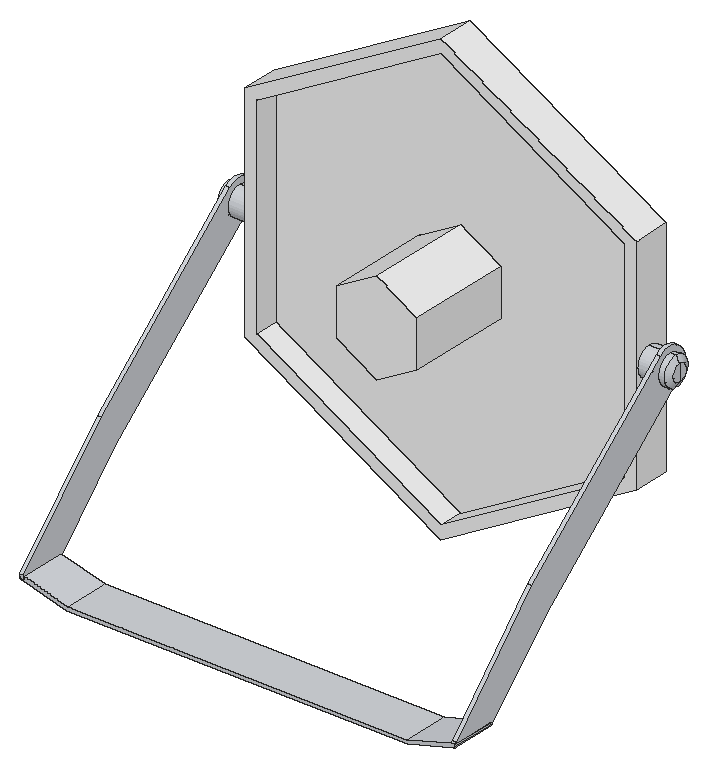
Revit family "Lighting-Floodlights-GEWISS-ESALITE-FL-LED_24K_DALI", category Apparecchi per illuminazione, host Superficie, Revit 2019
Family settings
  Host = Superficie
  Quota connettore circolare = Usa diametro
  Tipo di parte = Normale
  Taglio con vuoti quando caricato = No
  Sorgente d'illuminazione = Sì
  Condiviso = No
  Punto di calcolo locali = Sì
Parameters (values of type "GWS6455GD57K - ESALITE 24K ELL.5700K PRO+V.GR.DALI")
  Weight (kg): = "13,7"
  Wattage = 9.2903 W
  Warranty = "5 years"
  Voltage = "220/240 V - 50/60 Hz"
  Versions = "5700K cold light"
  Version file RFA = "20.11"
  Variazione temperatura colore lampada con luminosità attenuata = (empty or 0)
  VISIBILITA' SIMBOLO [instance] = yes
  VISIBILITA' LAMPADA PIANTA-LATERALE [instance] = not(VISIBILITA' SIMBOLO)  # no
  VISIBILITA' ETICHETTA [instance] = yes
  V = 0 V
  URL = "https://www.gewiss.com/ww/en"
  built-in parameter 1150107 = 3200 (stored number, unit not read)
  Technical sheet = "https://www.gewiss.com/ww/en/search?q=GWS6455GD57K"
  System power = "210W"
  Spostamento_y_effettivo_ET [instance] = 4000 mm - Spostamento_y_ET  # 2119.2 mm
  Spostamento_y_ET [instance] = 1880.8 mm
  Spostamento_X_effettivo_ET [instance] = 4000 mm - Spostamento_X_ET  # 3850.6 mm
  Spostamento_X_ET [instance] = 149.4 mm
  Shock resistance = "IK08"
  Shield type = "Tempered glass"
  STAFFA = none
  SEO = "Floodlight"
  Realized by GEWISS S.p.A. = ""
  Default Elevation = 1219.2 mm
  Produttore = "GEWISS S.p.A."
  Potenza di sitema = "Wxxx"
  built-in parameter 1150110 = 1 (stored number, unit not read)
  built-in parameter 1150109 = 1 (stored number, unit not read)
  built-in parameter 1114218 = 1 (stored number, unit not read)
  built-in parameter 1150112 = 1 (stored number, unit not read)
  Overvoltage resistance : = "Common mode: 8KV; Differential mode: 6KV"
  Optic = "Elliptical"
  Operating temperature: = "-30 +50 °C"
  Numero poli = 1
  Nominal flux (lm) = "29000"
  Modello = "GWS6455GD57K"
  built-in parameter 1150137 = (empty or 0)
  built-in parameter 1150132 = (empty or 0)
  Lumen output (lm) = "22200"
  Life time L90B10 (Tq 50Â°C) = "44000H"
  Life time L90B10 (Tq 25Â°C) = "100000H"
  Lamp = "LED - Not replaceable"
  LED current. = "0,9A"
  built-in parameter 1150105 = 109.82 (stored number, unit not read)
  built-in parameter 1150102 = (empty or 0)
  Insulation class = "I"
  Immagine tipo = ESALITE_FL.jpg
  built-in parameter 1150106 = 1.0982 (stored number, unit not read)
  IP degree = "IP66"
  IDT = "f7a9a771bf584c71b29cfc4a92707170"
  IDF = "1b9a74b8-16b9-46ee-a773-995bd203b2fc"
  Lumens = 1380 lm
  Color Filter = 16777215
  File diagramma fotometrico = "GWS6455GD57K.IES"
  built-in parameter 1114217 = 1 (stored number, unit not read)
  built-in parameter 1150139 = (empty or 0)
  Emetti da lunghezza linea = 20 mm
  Electrocod = "2444"
  Efficiency class of integrated LEDs = "A ÷ A++"
  built-in parameter 1150104 = 13.8 (stored number, unit not read)
  Driver type = "Driver Led Dali"
  built-in parameter 1150115 = 1 (stored number, unit not read)
  built-in parameter 1150114 = 1 (stored number, unit not read)
  built-in parameter 1150113 = 1 (stored number, unit not read)
  Descrizione = "ESALITE 24K ELL.5700K PRO+V.GR.DALI"
  Colour temperature: = "5700 K (CRI>80)"
  Colour = "Grey RAL 9006"
  built-in parameter 1150134 = 3
  built-in parameter 1150138 = (empty or 0)
  Catalogue Range = "ESALITE FL - 24K"
  Catalogue = "LIGHTING"
  COBie.Tagnumber = ""
  COBie.CreatedOn = ""
  COBie.CreatebBy = ""
  COBie.ComponentRegisterItemID = ""
  COBie.Component.TagNumber = ""
  COBie.Component.Space = ""
  COBie.Component.SerialNumber = ""
  COBie.Component.InstallationDate = ""
  COBie.Component.Description = ""
  COBie.Component.BarCode = ""
  Application = "Indoor / Outdoor"
  Tilt Angle = -90.00°
  built-in parameter 1150133 = 10 (stored number, unit not read)
Reference planes
  plane 1 "Centro (Fronte/Retro)": y = 0
  plane 2: z = 0
  plane 3 "Centro (Sinistra/Destra)": x = 0
  plane 4: z = 123
  plane 5: x = -0.012
  plane 6: x = -3850.612
  plane 7: y = -2119.2
  plane 8: y = 0
  plane 9: through (-1779.2, -702.001, 1219.2) normal (0.4695, 0.8829, 0)
  plane 10: through (203.705, -1575.119, 1219.2) normal (-0.866, 0.5, 0)
  plane 11: x = -235.613
  plane 12: x = 230.804
  plane 13: y = 188.046
  plane 14: y = -188.046
  plane 15: x = 235.613
  plane 16: x = -287.654
Forms (mm)
  Extrusion 1, solid, material <- "STAFFA"
    sketch origin (0, 0, 0) x (0, 1, 0) y (0, 0, 1)
      loop
        line (165.701, 304.396) -> (-29.601, 140.518) -> (-143.465, 19.872) -> (-147.703, 19.872) -> (-147.703, 15.381) -> (-92.184, 15.381) -> (-9.063, 99.991) -> (194.11, 270.474)
        arc (194.11, 270.474) -> (196.85, 301.627) -> (165.701, 304.396) r 22.123
    from 235.613 to 230.804
  Extrusion 2, solid, material <- "STAFFA"
    sketch origin (0, 0, 0) x (0, 1, 0) y (0, 0, -1)
      loop
        arc (165.701, -304.396) -> (196.85, -301.627) -> (194.11, -270.474) r 22.123
        line (194.11, -270.474) -> (-9.063, -99.991) -> (-92.184, -15.381) -> (-147.703, -15.381) -> (-147.703, -20.3) -> (-29.601, -140.518) -> (165.701, -304.396)
    from 287.654 to 292.463
  Extrusion 3, solid, material <- "STAFFA"
    sketch origin (0, 0, 0) x (1, 0, 0) y (0, 0, 1)
      loop
        line (-291.22, 15.044) -> (-235.613, 0) -> (179.379, 0) -> (234.986, 15.044)
        arc (234.986, 15.044) -> (235.883, 15.646) -> (236.229, 16.669) r 1.683
        line (236.229, 16.669) -> (236.229, 19.259) -> (231.42, 19.259) -> (178.011, 4.809) -> (-234.244, 4.809) -> (-287.654, 19.259) -> (-292.463, 19.259) -> (-292.463, 16.669)
        arc (-292.463, 16.669) -> (-292.117, 15.646) -> (-291.22, 15.044) r 1.683
    from 92.231 to 147.703
  Revolve 4, solid, material <- "STAFFA"
    sketch origin (0, 179.315, 13.188) x (1, 0, 0) y (0, 0, 1)
      loop
        line (-304.219, 272.041) -> (-304.219, 262.041) -> (-299.896, 254.554) -> (-266.552, 254.554) -> (-266.552, 272.041) -> (-304.219, 272.041)
      axis (-304.219, 272.041) -> (-266.552, 272.041)
    angle from 0 to 360
  Revolve 5, solid, material <- "STAFFA"
    sketch origin (-56.234, 179.315, 13.188) x (-1, 0, 0) y (0, 0, -1)
      loop
        line (-304.219, -272.041) -> (-266.552, -272.041) -> (-266.552, -254.554) -> (-299.896, -254.554) -> (-304.219, -262.041) -> (-304.219, -272.041)
      axis (-304.219, -272.041) -> (-266.552, -272.041)
    angle from 0 to 360
Cuts and joins
  joined: Extrusion 1, Extrusion 3
Text (mm)
  text "B-A=C" at (-2005.323, -1167.131, 0), in view "Livello rif."
  text "D+A-C=B" at (1746.792, 582.509, 0), in view "Livello rif."
Dimensions and locks
  "Spostamento_X_effettivo_ET": plane 6 to plane 5
  plane 6 to plane 3 "Centro (Sinistra/Destra)" = 3850.612 mm
  "Spostamento_y_effettivo_ET": plane 8 to plane 7
  plane 1 "Centro (Fronte/Retro)" to plane 7 = 2119.2 mm
  plane 11 to plane 12 = 466.417 mm
  plane 13 to plane 14 = 376.092 mm
  plane 12 to plane 15 = 4.809 mm
  plane 12 to plane 5 to plane 11 = 230.816 mm, 235.601 mm
  equal spacing: plane 11, plane 3 "Centro (Sinistra/Destra)", plane 15
  angle plane 9 to plane 7 = 28.00°
  angle plane 7 to plane 6 = 90.00°
  aligned and locked: plane 2 to host face
  aligned and locked: level to host face
  aligned and locked: plane 3 "Centro (Sinistra/Destra)" to imposter light
  aligned and locked: plane 5 to nested 1
  aligned and locked: nested 1 to plane 8
  aligned and locked: plane 12 to Extrusion 1
  aligned and locked: plane 15 to Extrusion 1
  aligned and locked: nested 2 to imposter light
  aligned and locked: nested 5 to nested 2  (x2)
  aligned and locked: nested 6 to plane 2
  aligned and locked: nested 6 to imposter light
  aligned and locked: nested 8 to plane 3 "Centro (Sinistra/Destra)"
  aligned and locked: nested 5 to nested 9
  aligned and locked: nested 9 to nested 6
  aligned and locked: nested 8 to plane 13
Automatic sketch dimensions
  host sketch curve to host sketch curve = 2438.4 mm  (x2)
  level to Extrusion 1 sketch curve = 19.872 mm
  plane 14 to Extrusion 1 sketch curve = 40.343 mm
  Extrusion 1 sketch curve to Extrusion 1 sketch curve = 4.238 mm
  level to Extrusion 1 sketch curve = 15.381 mm
  Extrusion 1 sketch curve to Extrusion 1 sketch curve = 51.28 mm
  plane 1 "Centro (Fronte/Retro)" to Extrusion 1 sketch curve = 29.601 mm
  plane 1 "Centro (Fronte/Retro)" to Extrusion 1 sketch curve = 9.063 mm
  Extrusion 1 sketch curve to plane 13 = 22.346 mm
  Extrusion 1 sketch curve to plane 13 = 8.156 mm
  plane 4 to Extrusion 1 sketch curve = 23.009 mm
  Extrusion 1 sketch curve to plane 4 = 17.518 mm
  Extrusion 1 sketch curve to plane 4 = 164.422 mm
  Extrusion 1 sketch curve to Extrusion 1 sketch curve = 16.974 mm
  plane 13 to Extrusion 1 sketch curve = 6.064 mm
  Extrusion 1 sketch curve to Extrusion 1 sketch curve = 0 mm  (x2)
  level to Extrusion 2 sketch curve = 15.381 mm
  plane 14 to Extrusion 2 sketch curve = 40.343 mm
  Extrusion 2 sketch curve to Extrusion 2 sketch curve = 55.519 mm
  plane 1 "Centro (Fronte/Retro)" to Extrusion 2 sketch curve = 29.601 mm
  plane 1 "Centro (Fronte/Retro)" to Extrusion 2 sketch curve = 9.063 mm
  Extrusion 2 sketch curve to plane 13 = 22.346 mm
  Extrusion 2 sketch curve to plane 13 = 8.156 mm
  Extrusion 2 sketch curve to Extrusion 2 sketch curve = 4.919 mm
  plane 4 to Extrusion 2 sketch curve = 23.009 mm
  Extrusion 2 sketch curve to plane 4 = 17.518 mm
  Extrusion 2 sketch curve to plane 4 = 164.422 mm
  Extrusion 2 sketch curve to Extrusion 2 sketch curve = 16.974 mm
  plane 13 to Extrusion 2 sketch curve = 6.064 mm
  Extrusion 2 sketch curve to Extrusion 2 sketch curve = 0 mm  (x2)
  Extrusion 3 sketch curve to plane 16 = 0 mm
  Extrusion 3 sketch curve to level = 0 mm
  Extrusion 3 sketch curve to plane 11 = 0 mm
  Extrusion 3 sketch curve to plane 16 = 3.126 mm
  Extrusion 3 sketch curve to Extrusion 3 sketch curve = 0.44 mm
  Extrusion 3 sketch curve to Extrusion 3 sketch curve = 1.683 mm
  plane 11 to Extrusion 3 sketch curve = 1.369 mm
  level to Extrusion 3 sketch curve = 4.809 mm
  Extrusion 3 sketch curve to plane 12 = 52.793 mm
  Extrusion 3 sketch curve to Extrusion 3 sketch curve = 1.369 mm
  plane 12 to Extrusion 3 sketch curve = 0.616 mm
  plane 15 to Extrusion 3 sketch curve = 1.067 mm
  plane 15 to Extrusion 3 sketch curve = 0.627 mm
  Extrusion 3 sketch curve to plane 15 = 0.616 mm
  level to Extrusion 3 sketch curve = 15.044 mm  (x2)
  Extrusion 3 sketch curve to Extrusion 3 sketch curve = 2.59 mm  (x2)
  Revolve 4 sketch curve to plane 16 = 16.565 mm
  Revolve 4 sketch curve to Revolve 4 sketch curve = 4.323 mm
  plane 16 to Revolve 4 sketch curve = 21.102 mm
  Revolve 4 sketch curve to plane 4 = 144.742 mm
  Revolve 4 sketch curve to Revolve 4 sketch curve = 7.487 mm
  Revolve 4 sketch curve to Revolve 4 sketch curve = 10 mm
  Revolve 4 sketch curve to Revolve 4 sketch curve = 0 mm  (x3)
  Revolve 5 sketch curve to plane 15 = 12.372 mm
  Revolve 5 sketch curve to plane 15 = 8.049 mm
  Revolve 5 sketch curve to plane 12 = 20.486 mm
  Revolve 5 sketch curve to plane 4 = 162.229 mm
  Revolve 5 sketch curve to Revolve 5 sketch curve = 10 mm
  Revolve 5 sketch curve to Revolve 5 sketch curve = 7.487 mm
  Revolve 5 sketch curve to Revolve 5 sketch curve = 0 mm  (x3)
Nested families
  nested 1: "etichetta Potenza Lampada" at (-0.012, 0, 0), visible <- "VISIBILITA' ETICHETTA", type "etichetta Potenza Lampada"
  nested 2: "ESALITE FL 24K PROIETTORI_BASE" at (-27.728, 8.264, 288.309) x (0, 0, -1) z (0, 1, 0), type "ESALITE FL 24K PROIETTORI_BASE"
  nested 3: "FL_24k_front" at (0, 0, 0) x (1, 0, 0) z (0, -1, 0), visible <- "VISIBILITA' LAMPADA PIANTA-LATERALE", type "FL_24k_front"
  nested 4: "SIMB_2D" at (-26.728, 0, 263) x (1, 0, 0) z (0, -1, 0), visible <- "VISIBILITA' SIMBOLO", type "SIMB_2D"
  nested 5: "SIMB_2D" at (0, 93.725, 288.309) x (0, 1, 0) z (1, 0, 0), visible <- "VISIBILITA' SIMBOLO", type "SIMB_2D"
  nested 6: "Laterale - FL24" at (0, 148.948, 0) x (0, 1, 0) z (1, 0, 0), visible <- "VISIBILITA' LAMPADA PIANTA-LATERALE", type "Laterale - FL24"
  nested 7: "Dall'alto - FL24" at (-25, 253.14, 0) x (-1, 0, 0) z (0, 0, 1), visible <- "VISIBILITA' LAMPADA PIANTA-LATERALE", type "Dall'alto - FL24"
  nested 8: "SIMB_2D" at (-64.515, 188.046, 0), visible <- "VISIBILITA' SIMBOLO", type "SIMB_2D"
  nested 9: "SIMB_2D" at (0, 93.725, 288.309) x (0, 1, 0) z (1, 0, 0), visible <- "VISIBILITA' SIMBOLO", type "SIMB_2D"
Connectors
  electrical at (-27.543, 63.264, 288.251), driven by "Numero poli", driven by "V"
    settings: on nested 2, index 1, voltage 0 V, apparent load 0 VA, apparent load phase1 0 VA, apparent load phase2 0 VA, apparent load phase3 0 VA, power factor 1, load classification "Illuminazione", number of poles 1, system type 31, power factor state 1, is connector primary yes, connector utility no, sub classification motor no, connector description ""
Definition of nested family "ESALITE FL 24K PROIETTORI_BASE"
  Parameters (values of type "ESALITE FL 24K PROIETTORI_BASE")
    Schermatura interna = none
    Default Elevation = 1219.2 mm
    LED = none
    Corpo luce = none
  Reference planes
    plane 1 "Centro (Fronte/Retro)": y = 0
    plane 2: z = 0
    plane 3 "Centro (Sinistra/Destra)": x = 0
    plane 4: x = -145.163
    plane 5: x = 145.28
    plane 6: y = 126.226
    plane 7: y = -125.856
    plane 8: y = 55.469
    plane 9: y = -55.099
    plane 10: x = -63.671
    plane 11: x = 63.788
    plane 12: y = -123.856
    plane 13: y = 124.226
    plane 14: y = -112.535
    plane 15: y = 112.905
    plane 16: y = -22
    plane 17: y = 22
    plane 18: y = -108.017
    plane 19: y = 108.387
    plane 20: through (-28.293, 49.29, 1200) normal (0.866, -0.5, 0)
    plane 21: y = 49.29
    plane 22: through (28.409, 49.29, 1200) normal (0.866, 0.5, 0)
    plane 23: through (28.409, -48.92, 1200) normal (-0.866, 0.5, 0)
    plane 24: y = -48.92
    plane 25: through (-56.644, 0.185, 1200) normal (0.866, 0.5, 0)
    plane 26: through (-31.86, 55.469, 1200) normal (0.866, -0.5, 0)
    plane 27: through (-63.778, 0.185, 1200) normal (0.866, 0.5, 0)
    plane 28: y = -55.099
    plane 29: through (63.894, 0.185, 1200) normal (0.866, -0.5, 0)
    plane 30: through (63.894, 0.185, 1200) normal (-0.866, -0.5, 0)
    plane 31: y = 55.469
    plane 32: z = 123.439
    plane 33: through (-65.51, 1.185, 1200) normal (-0.866, 0.5, 0)
    plane 34: through (-33.592, -56.099, 1200) normal (-0.866, -0.5, 0)
    plane 35: through (-65.51, 1.185, 1200) normal (-0.866, 0.5, 0)
    plane 36: y = 57.469
    plane 37: through (33.708, 56.469, 1200) normal (0.866, 0.5, 0)
    plane 38: through (65.626, -0.815, 1200) normal (0.866, -0.5, 0)
    plane 39: y = -57.099
    plane 40: y = -1
    plane 41: y = 1
    plane 42: x = -1
    plane 43: x = 0
    plane 44: y = 105.387
    plane 45: y = -105.017
    plane 46: z = 130
    plane 47: y = -103.017
    plane 48: y = 103.387
    plane 49: x = 1
    plane 50: through (-108.857, 187.546, 1200) normal (0.866, -0.5, 0)
    plane 51: y = 188.046
    plane 52: y = 174.478
    plane 53: through (-101.456, 173.228, 1200) normal (0.866, -0.5, 0)
    plane 54: through (-216.848, -0.5, 1200) normal (0.866, 0.5, 0)
    plane 55: through (-200.748, -1.25, 1200) normal (0.866, 0.5, 0)
    plane 56: y = -188.046
    plane 57: y = -174.478
    plane 58: y = 188.046
    plane 59: y = 174.478
    plane 60: through (200.748, 1.25, 1200) normal (-0.866, -0.5, 0)
    plane 61: through (216.848, 0.5, 1200) normal (-0.866, -0.5, 0)
    plane 62: through (108.857, -187.546, 1200) normal (-0.866, 0.5, 0)
    plane 63: through (101.456, -173.228, 1200) normal (-0.866, 0.5, 0)
    plane 64: z = 89
    plane 65: z = 134
    plane 66: z = 108.133
    plane 67: z = 123.439
    plane 68: z = 117.439
    plane 69: z = 128.439
    plane 70: z = 27.205
    plane 71: z = 152.205
    plane 72: z = 197.205
    plane 73: z = 199.205
    plane 74: z = 192.205
    plane 75: z = 182.205
    plane 76: z = 187.205
    plane 77: z = 184.113
    plane 78: x = -263
    plane 79: x = 263
    plane 80: x = -107.366
    plane 81: x = 108.568
  Forms (mm)
    Extrusion 1, solid, material <- "Corpo luce"
      sketch origin (0, 0, 0) x (1, 0, 0) y (0, 1, 0)
        loop
          line (-28.293, 49.29) -> (-56.644, 0.185) -> (-28.293, -48.92) -> (28.409, -48.92) -> (56.76, 0.185) -> (28.409, 49.29) -> (-28.293, 49.29)
      from 199.205 to 55
    Extrusion 2, solid, material <- "Corpo luce"
      sketch origin (0, 0, 0) x (1, 0, 0) y (0, 1, 0)
        loop
          line (136.312, -237.421) -> (273.387, 0) -> (135.951, 238.046) -> (-134.701, 238.046) -> (-272.137, 0) -> (-135.062, -237.421) -> (136.312, -237.421)
        loop
          line (128.478, -223.853) -> (257.72, 0) -> (128.117, 224.478) -> (-126.867, 224.478) -> (-256.47, 0) -> (-127.228, -223.853) -> (128.478, -223.853)
      from 152.205 to 197.205
    Extrusion 3, solid, material <- "Corpo luce"
      sketch origin (0, 0, 0) x (1, 0, 0) y (0, 1, 0)
        loop
          line (-260.455, 0) -> (-130.169, -225.662) -> (130.286, -225.662) -> (260.572, 0) -> (130.286, 225.662) -> (-130.169, 225.662) -> (-260.455, 0)
        loop
          line (-28.293, 49.29) -> (-56.644, 0.185) -> (-28.293, -48.92) -> (28.409, -48.92) -> (56.76, 0.185) -> (28.409, 49.29) -> (-28.293, 49.29)
      from 182.205 to 192.205
    Extrusion 4, void
      sketch origin (0, 0, 0) x (1, 0, 0) y (0, 1, 0)
        loop
          arc (-218.132, 27.925) -> (-211.783, 21.224) -> (-202.889, 18.755) r 17.255
          line (-202.889, 18.755) -> (-129.361, 18.755)
          arc (-129.361, 18.755) -> (-111.731, 23.479) -> (-98.826, 36.385) r 35.259
          line (-98.826, 36.385) -> (-64.175, 96.401)
          arc (-64.175, 96.401) -> (-58.775, 101.801) -> (-51.398, 103.778) r 14.754
          line (-51.398, 103.778) -> (51.398, 103.778)
          arc (51.398, 103.778) -> (58.775, 101.801) -> (64.175, 96.401) r 14.754
          line (64.175, 96.401) -> (98.854, 36.336)
          arc (98.854, 36.336) -> (111.756, 23.465) -> (129.361, 18.755) r 35.259
          line (129.361, 18.755) -> (202.889, 18.755)
          arc (202.889, 18.755) -> (211.784, 21.225) -> (218.133, 27.927) r 17.255
          arc (218.133, 27.927) -> (220.334, 36.472) -> (218.023, 44.987) r 17.255
          line (218.023, 44.987) -> (138.389, 182.917)
          arc (138.389, 182.917) -> (135.165, 187.129) -> (130.959, 190.359) r 20.255
          line (130.959, 190.359) -> (99.376, 208.593)
          arc (99.376, 208.593) -> (94.491, 210.617) -> (89.248, 211.307) r 20.255
          line (89.248, 211.307) -> (-89.248, 211.307)
          arc (-89.248, 211.307) -> (-94.491, 210.617) -> (-99.376, 208.593) r 20.255
          line (-99.376, 208.593) -> (-130.959, 190.359)
          arc (-130.959, 190.359) -> (-135.143, 187.15) -> (-138.358, 182.971) r 20.255
          line (-138.358, 182.971) -> (-218.023, 44.987)
          arc (-218.023, 44.987) -> (-220.334, 36.471) -> (-218.132, 27.925) r 17.255
        loop
          arc (-218.132, -27.925) -> (-220.334, -36.471) -> (-218.023, -44.987) r 17.255
          line (-218.023, -44.987) -> (-138.358, -182.971)
          arc (-138.358, -182.971) -> (-135.143, -187.15) -> (-130.959, -190.359) r 20.255
          line (-130.959, -190.359) -> (-99.376, -208.593)
          arc (-99.376, -208.593) -> (-94.491, -210.617) -> (-89.248, -211.307) r 20.255
          line (-89.248, -211.307) -> (89.248, -211.307)
          arc (89.248, -211.307) -> (94.491, -210.617) -> (99.376, -208.593) r 20.255
          line (99.376, -208.593) -> (130.959, -190.359)
          arc (130.959, -190.359) -> (135.165, -187.129) -> (138.389, -182.917) r 20.255
          line (138.389, -182.917) -> (218.023, -44.987)
          arc (218.023, -44.987) -> (220.334, -36.472) -> (218.133, -27.927) r 17.255
          arc (218.133, -27.927) -> (211.784, -21.225) -> (202.889, -18.755) r 17.255
          line (202.889, -18.755) -> (129.361, -18.755)
          arc (129.361, -18.755) -> (111.756, -23.465) -> (98.854, -36.336) r 35.259
          line (98.854, -36.336) -> (64.175, -96.401)
          arc (64.175, -96.401) -> (58.775, -101.801) -> (51.398, -103.778) r 14.754
          line (51.398, -103.778) -> (-51.398, -103.778)
          arc (-51.398, -103.778) -> (-58.775, -101.801) -> (-64.175, -96.401) r 14.754
          line (-64.175, -96.401) -> (-98.826, -36.385)
          arc (-98.826, -36.385) -> (-111.731, -23.479) -> (-129.361, -18.755) r 35.259
          line (-129.361, -18.755) -> (-202.889, -18.755)
          arc (-202.889, -18.755) -> (-211.783, -21.224) -> (-218.132, -27.925) r 17.255
      from 187.205 to 192.205
  Cuts and joins
    Extrusion 4 cuts Extrusion 3
  Lines and regions (mm)
    symbolic lines
      curve 1: line (0, 188.046, 0) -> (0, 193.046, 0)
      curve 2: line (0, -66.018, 0) -> (0, 66.018, 0)
      curve 3: line (-81.378, 0, 0) -> (81.378, 0, 0)
  Dimensions and locks
    locked: plane 6 to plane 13 at 2
    locked: plane 7 to plane 12 at 2
    locked: plane 15 to plane 13 at 11.321
    locked: plane 12 to plane 14 at 11.321
    plane 4 to plane 5 = 290.443 mm
    plane 7 to plane 6 = 252.082 mm
    Extrusion 1 to plane 70 = 172 mm
    plane 72 to plane 71 = 45 mm
    locked: plane 72 to plane 74 at 5
    locked: plane 74 to plane 75 at 10
    locked: plane 74 to plane 76 at 5
    locked: plane 76 to plane 77 at 3.092
    aligned and locked: level to plane 2
    aligned and locked: Extrusion 1 to plane 73
    aligned and locked: Extrusion 2 to plane 72
    aligned and locked: Extrusion 2 to plane 71
    aligned and locked: Extrusion 3 to plane 74
    aligned and locked: Extrusion 3 to plane 75
    aligned and locked: Extrusion 3 to Extrusion 4
    aligned and locked: Extrusion 4 to plane 76
Definition of nested family "etichetta Potenza Lampada"
  Parameters (values of type "etichetta Potenza Lampada")
    potenza lampada = "Wxxx"
  Reference planes
    plane 1: y = 0
    plane 2: x = 0
  Text (mm)
    label "QE" at (0.073, -0.194, 0), shows "potenza lampada"
Definition of nested family "FL_24k_front"
  Reference planes
    plane 1 "Centro (Fronte/Retro)": y = 0
    plane 2: z = 0
    plane 3 "Centro (Sinistra/Destra)": x = 0
  Lines and regions (mm)
    detail lines, in view "Livello rif."
      curve 1: arc (0.152, 547.845, 0) -> (-0.201, 549.651, 0) -> (-1.189, 551.204, 0) r 4.948
      curve 2: arc (-1.189, 551.204, 0) -> (-4.114, 552.759, 0) -> (-7.369, 552.145, 0) r 5.002
      curve 3: line (-7.369, 552.145, 0) -> (-232.393, 422.227, 0)
      curve 4: arc (-232.393, 422.227, 0) -> (-234.232, 420.395, 0) -> (-234.906, 417.888, 0) r 5.003
      curve 5: line (-234.906, 417.888, 0) -> (-234.906, 148.147, 0)
      curve 6: arc (-234.906, 148.147, 0) -> (-234.232, 145.64, 0) -> (-232.393, 143.808, 0) r 5.003
      curve 7: line (-232.393, 143.808, 0) -> (-1.321, 10.399, 0)
      curve 8: arc (8.588, 551.204, 0) -> (7.599, 549.651, 0) -> (7.247, 547.845, 0) r 4.948
      curve 9: line (0.152, 547.845, 0) -> (0.152, 372.274, 0)
      curve 10: line (0.152, 372.274, 0) -> (-75.373, 328.67, 0)
      curve 11: line (-75.373, 328.67, 0) -> (-75.373, 237.365, 0)
      curve 12: line (-75.373, 237.365, 0) -> (-1.321, 194.611, 0)
      curve 13: line (-1.321, 194.611, 0) -> (-1.321, 10.399, 0)
      curve 14: arc (-0.152, 547.845, 0) -> (0.201, 549.651, 0) -> (1.189, 551.204, 0) r 4.948
      curve 15: arc (1.189, 551.204, 0) -> (4.114, 552.759, 0) -> (7.369, 552.145, 0) r 5.002
      curve 16: line (7.369, 552.145, 0) -> (232.393, 422.227, 0)
      curve 17: arc (232.393, 422.227, 0) -> (234.232, 420.395, 0) -> (234.906, 417.888, 0) r 5.003
      curve 18: line (234.906, 417.888, 0) -> (234.906, 148.147, 0)
      curve 19: arc (234.906, 148.147, 0) -> (234.232, 145.64, 0) -> (232.393, 143.808, 0) r 5.003
      curve 20: line (232.393, 143.808, 0) -> (1.321, 10.399, 0)
      curve 21: arc (-8.588, 551.204, 0) -> (-7.599, 549.651, 0) -> (-7.247, 547.845, 0) r 4.948
      curve 22: line (-0.152, 547.845, 0) -> (-0.152, 372.274, 0)
      curve 23: line (-0.152, 372.274, 0) -> (75.373, 328.67, 0)
      curve 24: line (75.373, 328.67, 0) -> (75.373, 237.365, 0)
      curve 25: line (75.373, 237.365, 0) -> (1.321, 194.611, 0)
      curve 26: line (1.321, 194.611, 0) -> (1.321, 10.399, 0)
      curve 27: line (-168.734, 418.206, 0) -> (-50.895, 486.241, 0)
      curve 28: arc (-50.895, 486.241, 0) -> (-35.732, 486.152, 0) -> (-28.383, 472.89, 0) r 15.01
      curve 29: line (-28.383, 472.89, 0) -> (-29.828, 407.367, 0)
      curve 30: arc (-29.828, 407.367, 0) -> (-31.919, 400.05, 0) -> (-37.33, 394.699, 0) r 15.01
      curve 31: line (-37.33, 394.699, 0) -> (-96.261, 360.675, 0)
      curve 32: arc (-96.261, 360.675, 0) -> (-103.601, 358.665, 0) -> (-110.983, 360.512, 0) r 15.01
      curve 33: line (-110.983, 360.512, 0) -> (-168.468, 392.032, 0)
      curve 34: arc (-168.468, 392.032, 0) -> (-176.261, 405.041, 0) -> (-168.734, 418.206, 0) r 15.01
      curve 35: line (-109.603, 337.566, 0) -> (-109.603, 235.495, 0)
      curve 36: arc (-109.603, 235.495, 0) -> (-111.532, 228.133, 0) -> (-116.823, 222.664, 0) r 15.01
      curve 37: line (-116.823, 222.664, 0) -> (-172.862, 188.64, 0)
      curve 38: arc (-172.862, 188.64, 0) -> (-188.014, 188.389, 0) -> (-195.663, 201.471, 0) r 15.01
      curve 39: line (-195.663, 201.471, 0) -> (-195.663, 371.59, 0)
      curve 40: arc (-195.663, 371.59, 0) -> (-188.014, 384.671, 0) -> (-172.862, 384.42, 0) r 15.01
      curve 41: line (-172.862, 384.42, 0) -> (-116.823, 350.397, 0)
      curve 42: arc (-116.823, 350.397, 0) -> (-111.532, 344.927, 0) -> (-109.603, 337.566, 0) r 15.01
      curve 43: line (-37.33, 178.362, 0) -> (-96.261, 212.386, 0)
      curve 44: arc (-96.261, 212.385, 0) -> (-103.601, 214.396, 0) -> (-110.983, 212.548, 0) r 15.01
      curve 45: line (-110.983, 212.548, 0) -> (-168.468, 181.028, 0)
      curve 46: arc (-168.468, 181.028, 0) -> (-176.261, 168.019, 0) -> (-168.734, 154.854, 0) r 15.01
      curve 47: line (-168.734, 154.854, 0) -> (-50.895, 86.82, 0)
      curve 48: arc (-50.895, 86.82, 0) -> (-35.733, 86.908, 0) -> (-28.383, 100.17, 0) r 15.01
      curve 49: line (-28.383, 100.17, 0) -> (-29.828, 165.693, 0)
      curve 50: arc (-29.828, 165.693, 0) -> (-31.919, 173.01, 0) -> (-37.33, 178.362, 0) r 15.01
      curve 51: line (168.734, 418.206, 0) -> (50.895, 486.241, 0)
      curve 52: arc (50.895, 486.241, 0) -> (35.732, 486.152, 0) -> (28.383, 472.89, 0) r 15.01
      curve 53: line (28.383, 472.89, 0) -> (29.828, 407.367, 0)
      curve 54: arc (29.828, 407.367, 0) -> (31.919, 400.05, 0) -> (37.33, 394.699, 0) r 15.01
      curve 55: line (37.33, 394.699, 0) -> (96.261, 360.675, 0)
      curve 56: arc (96.261, 360.675, 0) -> (103.601, 358.665, 0) -> (110.983, 360.512, 0) r 15.01
      curve 57: line (110.983, 360.512, 0) -> (168.468, 392.032, 0)
      curve 58: arc (168.468, 392.032, 0) -> (176.261, 405.041, 0) -> (168.734, 418.206, 0) r 15.01
      curve 59: line (109.603, 337.566, 0) -> (109.603, 235.495, 0)
      curve 60: arc (109.603, 235.495, 0) -> (111.532, 228.133, 0) -> (116.823, 222.664, 0) r 15.01
      curve 61: line (116.823, 222.664, 0) -> (172.862, 188.64, 0)
      curve 62: arc (172.862, 188.64, 0) -> (188.014, 188.389, 0) -> (195.663, 201.471, 0) r 15.01
      curve 63: line (195.663, 201.471, 0) -> (195.663, 371.59, 0)
      curve 64: arc (195.663, 371.59, 0) -> (188.014, 384.671, 0) -> (172.862, 384.42, 0) r 15.01
      curve 65: line (172.862, 384.42, 0) -> (116.823, 350.397, 0)
      curve 66: arc (116.823, 350.397, 0) -> (111.532, 344.927, 0) -> (109.603, 337.566, 0) r 15.01
      curve 67: line (37.33, 178.362, 0) -> (96.261, 212.386, 0)
      curve 68: arc (96.261, 212.385, 0) -> (103.601, 214.396, 0) -> (110.983, 212.548, 0) r 15.01
      curve 69: line (110.983, 212.548, 0) -> (168.468, 181.028, 0)
      curve 70: arc (168.468, 181.028, 0) -> (176.261, 168.019, 0) -> (168.734, 154.854, 0) r 15.01
      curve 71: line (168.734, 154.854, 0) -> (50.895, 86.82, 0)
      curve 72: arc (50.895, 86.82, 0) -> (35.733, 86.908, 0) -> (28.383, 100.17, 0) r 15.01
      curve 73: line (28.383, 100.17, 0) -> (29.828, 165.693, 0)
      curve 74: arc (29.828, 165.693, 0) -> (31.919, 173.01, 0) -> (37.33, 178.362, 0) r 15.01
      curve 75: line (-269.621, 293.711, 0) -> (-247.605, 293.711, 0)
      curve 76: line (-269.621, 258.186, 0) -> (-269.621, 293.711, 0)
      curve 77: line (-247.605, 258.186, 0) -> (-269.621, 258.186, 0)
      curve 78: line (-247.605, 293.711, 0) -> (-247.605, 258.186, 0)
      curve 79: line (-275.125, 293.711, 0) -> (-282.715, 293.711, 0)
      curve 80: line (-275.125, 258.186, 0) -> (-275.125, 293.711, 0)
      curve 81: line (-282.715, 258.186, 0) -> (-275.125, 258.186, 0)
      curve 82: line (-282.715, 293.711, 0) -> (-282.715, 258.186, 0)
      curve 83: line (-275.125, 298.964, 0) -> (-269.451, 298.964, 0)
      curve 84: line (-275.125, 78.511, 0) -> (-275.125, 298.964, 0)
      curve 85: line (-269.451, 79.158, 0) -> (-275.125, 79.158, 0)
      curve 86: line (-269.451, 298.964, 0) -> (-269.451, 76.147, 0)
      curve 87: line (-230.594, 0, 0) -> (-275.125, 78.511, 0)
      curve 88: line (-269.451, 76.147, 0) -> (-227.928, 2.938, 0)
      curve 89: line (269.451, 299.789, 0) -> (274.454, 299.789, 0)
      curve 90: line (269.451, 76.147, 0) -> (269.451, 299.789, 0)
      curve 91: line (274.454, 79.915, 0) -> (269.451, 79.915, 0)
      curve 92: line (274.454, 299.789, 0) -> (274.454, 77.329, 0)
      curve 93: line (269.451, 79.158, 0) -> (275.125, 79.158, 0)
      curve 94: line (230.594, 0, 0) -> (274.454, 77.329, 0)
      curve 95: line (269.451, 76.147, 0) -> (227.928, 2.938, 0)
      curve 96: line (-227.928, 2.938, 0) -> (227.928, 2.938, 0)
      curve 97: line (-230.594, 0, 0) -> (230.594, 0, 0)
      curve 98: line (269.621, 293.711, 0) -> (247.605, 293.711, 0)
      curve 99: line (269.621, 258.186, 0) -> (269.621, 293.711, 0)
      curve 100: line (247.605, 258.186, 0) -> (269.621, 258.186, 0)
      curve 101: line (247.605, 293.711, 0) -> (247.605, 258.186, 0)
      curve 102: line (275.125, 293.711, 0) -> (282.715, 293.711, 0)
      curve 103: line (275.125, 258.186, 0) -> (275.125, 293.711, 0)
      curve 104: line (282.715, 258.186, 0) -> (275.125, 258.186, 0)
      curve 105: line (282.715, 293.711, 0) -> (282.715, 258.186, 0)
      curve 106: line (275.125, 298.964, 0) -> (269.451, 298.964, 0)
Definition of nested family "SIMB_2D"
  Reference planes
    plane 1 "Centro (Fronte/Retro)": y = 0
    plane 2: z = 0
    plane 3 "Centro (Sinistra/Destra)": x = 0
  Lines and regions (mm)
    detail lines, in view "Livello rif."
      curve 1: arc (111.745, -162.105, 0) -> (147.531, -0.161, 0) -> (111.745, 161.783, 0) r 384.317
      curve 2: arc (-22.999, -120.963, 0) -> (41.867, -149.74, 0) -> (111.745, -162.105, 0) r 293.432
      curve 3: arc (-22.999, 120.641, 0) -> (-85.303, -0.161, 0) -> (-22.999, -120.963, 0) r 148.264
      curve 4: arc (111.745, 161.783, 0) -> (41.867, 149.419, 0) -> (-22.999, 120.641, 0) r 293.432
      curve 5: line (111.745, 161.783, 0) -> (111.745, -162.105, 0)
      curve 6: line (64.515, -43.176, 0) -> (-21.885, -0.161, 0)
      curve 7: line (-21.885, -0.161, 0) -> (64.515, 43.371, 0)
      curve 8: line (64.515, 43.371, 0) -> (64.515, -43.176, 0)
      curve 9: line (-21.885, 43.113, 0) -> (-21.885, -43.434, 0)
      curve 10: line (-21.885, -0.161, 0) -> (-72.406, -0.161, 0)
      curve 11: line (64.515, 0.098, 0) -> (101.821, 0.098, 0)
Definition of nested family "Laterale - FL24"
  Reference planes
    plane 1 "Centro (Fronte/Retro)": y = 0
    plane 2: z = 0
    plane 3 "Centro (Sinistra/Destra)": x = 0
  Lines and regions (mm)
    detail lines, in view "Livello rif."
      curve 1: arc (-85.55, 290.28, 0) -> (-81.379, 292.068, 0) -> (-79.651, 296.265, 0) r 6.004
      curve 2: arc (-79.651, 269.739, 0) -> (-81.363, 273.95, 0) -> (-85.536, 275.755, 0) r 6.004
      curve 3: line (-59.642, 138.254, 0) -> (-59.849, 138.348, 0)
      curve 4: line (-59.849, 138.348, 0) -> (-60.162, 138.432, 0)
      curve 5: line (-60.162, 138.432, 0) -> (-60.583, 138.479, 0)
      curve 6: line (-65.164, 427.446, 0) -> (-65.77, 427.399, 0)
      curve 7: line (-65.77, 427.399, 0) -> (-66.366, 427.286, 0)
      curve 8: line (-66.366, 427.286, 0) -> (-66.944, 427.11, 0)
      curve 9: line (-66.944, 427.11, 0) -> (-67.497, 426.871, 0)
      curve 10: line (-67.497, 426.871, 0) -> (-68.015, 426.573, 0)
      curve 11: line (-68.015, 426.573, 0) -> (-68.492, 426.218, 0)
      curve 12: line (-68.492, 426.218, 0) -> (-68.919, 425.81, 0)
      curve 13: line (-68.919, 425.81, 0) -> (-69.289, 425.355, 0)
      curve 14: line (-69.289, 425.355, 0) -> (-69.595, 424.858, 0)
      curve 15: line (-69.595, 424.858, 0) -> (-69.789, 424.435, 0)
      curve 16: line (-69.789, 424.435, 0) -> (-69.934, 423.995, 0)
      curve 17: line (-69.934, 423.995, 0) -> (-70.01, 423.657, 0)
      curve 18: arc (-70.01, 423.657, 0) -> (-72.285, 410.377, 0) -> (-74.529, 397.092, 0) r 5748.451
      curve 19: line (-65.164, 427.446, 0) -> (-65.77, 427.399, 0)
      curve 20: line (-65.77, 427.399, 0) -> (-66.366, 427.286, 0)
      curve 21: line (-66.366, 427.286, 0) -> (-66.944, 427.11, 0)
      curve 22: line (-66.944, 427.11, 0) -> (-67.497, 426.871, 0)
      curve 23: line (-67.497, 426.871, 0) -> (-68.015, 426.573, 0)
      curve 24: line (-68.015, 426.573, 0) -> (-68.492, 426.218, 0)
      curve 25: line (-68.492, 426.218, 0) -> (-68.919, 425.81, 0)
      curve 26: line (-68.919, 425.81, 0) -> (-69.289, 425.355, 0)
      curve 27: line (-69.289, 425.355, 0) -> (-69.595, 424.858, 0)
      curve 28: line (-69.595, 424.858, 0) -> (-69.789, 424.435, 0)
      curve 29: line (-69.789, 424.435, 0) -> (-69.934, 423.995, 0)
      curve 30: line (-69.934, 423.995, 0) -> (-70.01, 423.657, 0)
      curve 31: line (-65.164, 138.589, 0) -> (-65.77, 138.636, 0)
      curve 32: line (-65.77, 138.636, 0) -> (-66.366, 138.749, 0)
      curve 33: line (-66.366, 138.749, 0) -> (-66.944, 138.925, 0)
      curve 34: line (-66.944, 138.925, 0) -> (-67.497, 139.164, 0)
      curve 35: line (-67.497, 139.164, 0) -> (-68.015, 139.462, 0)
      curve 36: line (-68.015, 139.462, 0) -> (-68.492, 139.817, 0)
      curve 37: line (-68.492, 139.817, 0) -> (-68.919, 140.225, 0)
      curve 38: line (-68.919, 140.225, 0) -> (-69.289, 140.68, 0)
      curve 39: line (-69.289, 140.68, 0) -> (-69.595, 141.177, 0)
      curve 40: line (-69.595, 141.177, 0) -> (-69.789, 141.6, 0)
      curve 41: line (-69.789, 141.6, 0) -> (-69.934, 142.04, 0)
      curve 42: line (-69.934, 142.04, 0) -> (-70.01, 142.378, 0)
      curve 43: line (-70.014, 142.42, 0) -> (-73.582, 164.382, 0)
      curve 44: line (-73.582, 164.382, 0) -> (-73.937, 166.419, 0)
      curve 45: line (-73.937, 166.419, 0) -> (-74.183, 167.648, 0)
      curve 46: line (-74.183, 167.648, 0) -> (-74.346, 168.335, 0)
      curve 47: line (-74.346, 168.335, 0) -> (-74.535, 168.946, 0)
      curve 48: arc (-76.886, 196.435, 0) -> (-75.799, 182.683, 0) -> (-74.535, 168.946, 0) r 1060.11
      curve 49: arc (-79.651, 269.77, 0) -> (-79.599, 262.054, 0) -> (-79.491, 254.339, 0) r 1059.293
      curve 50: arc (-135.704, 289.405, 0) -> (-136.406, 289.108, 0) -> (-136.695, 288.404, 0) r 1.001
      curve 51: arc (-136.695, 277.631, 0) -> (-136.406, 276.927, 0) -> (-135.704, 276.63, 0) r 1.001
      curve 52: arc (-101.07, 336.118, 0) -> (-101.006, 336.051, 0) -> (-100.919, 336.015, 0) r 0.227
      curve 53: line (-102.02, 358.048, 0) -> (-101.992, 357.808, 0)
      curve 54: line (-101.992, 357.808, 0) -> (-101.967, 357.438, 0)
      curve 55: line (-101.967, 357.438, 0) -> (-101.919, 356.289, 0)
      curve 56: line (-101.919, 356.289, 0) -> (-101.87, 354.548, 0)
      curve 57: line (-101.87, 354.548, 0) -> (-101.779, 350.171, 0)
      curve 58: line (-101.779, 350.171, 0) -> (-101.687, 344.68, 0)
      curve 59: line (-101.687, 344.68, 0) -> (-101.571, 337.521, 0)
      curve 60: line (-101.571, 337.521, 0) -> (-101.54, 337.133, 0)
      curve 61: line (-101.54, 337.133, 0) -> (-101.46, 336.794, 0)
      curve 62: arc (-101.071, 336.12, 0) -> (-101.2, 336.324, 0) -> (-101.332, 336.526, 0) r 15.147
      curve 63: line (-104.538, 335.554, 0) -> (-104.44, 330.973, 0)
      curve 64: line (-104.44, 330.973, 0) -> (-104.385, 329.274, 0)
      curve 65: line (-104.385, 329.274, 0) -> (-104.347, 328.508, 0)
      curve 66: line (-104.347, 328.508, 0) -> (-104.308, 328.101, 0)
      curve 67: line (-105.023, 358.048, 0) -> (-104.994, 357.808, 0)
      curve 68: line (-104.994, 357.808, 0) -> (-104.969, 357.438, 0)
      curve 69: line (-104.969, 357.438, 0) -> (-104.921, 356.289, 0)
      curve 70: line (-104.921, 356.289, 0) -> (-104.872, 354.548, 0)
      curve 71: line (-104.872, 354.548, 0) -> (-104.781, 350.171, 0)
      curve 72: line (-104.781, 350.171, 0) -> (-104.684, 344.356, 0)
      curve 73: line (-104.684, 344.356, 0) -> (-104.538, 335.554, 0)
      curve 74: line (-107.54, 335.554, 0) -> (-107.442, 330.973, 0)
      curve 75: line (-107.442, 330.973, 0) -> (-107.387, 329.274, 0)
      curve 76: line (-107.387, 329.274, 0) -> (-107.349, 328.508, 0)
      curve 77: line (-107.349, 328.508, 0) -> (-107.31, 328.101, 0)
      curve 78: line (-108.025, 358.048, 0) -> (-107.996, 357.808, 0)
      curve 79: line (-107.996, 357.808, 0) -> (-107.971, 357.438, 0)
      curve 80: line (-107.971, 357.438, 0) -> (-107.923, 356.289, 0)
      curve 81: line (-107.923, 356.289, 0) -> (-107.874, 354.548, 0)
      curve 82: line (-107.874, 354.548, 0) -> (-107.783, 350.171, 0)
      curve 83: line (-107.783, 350.171, 0) -> (-107.686, 344.356, 0)
      curve 84: line (-107.686, 344.356, 0) -> (-107.54, 335.554, 0)
      curve 85: line (-110.382, 329.097, 0) -> (-110.345, 328.411, 0)
      curve 86: line (-110.345, 328.411, 0) -> (-110.326, 328.197, 0)
      curve 87: arc (-101.558, 357.246, 0) -> (-101.481, 357.175, 0) -> (-101.38, 357.149, 0) r 0.209
      curve 88: arc (-102.13, 328.969, 0) -> (-102.232, 328.944, 0) -> (-102.308, 328.873, 0) r 0.209
      curve 89: arc (-103.06, 357.248, 0) -> (-102.984, 357.176, 0) -> (-102.882, 357.149, 0) r 0.209
      curve 90: arc (-102.882, 357.149, 0) -> (-102.78, 357.175, 0) -> (-102.703, 357.247, 0) r 0.209
      curve 91: arc (-103.633, 328.97, 0) -> (-103.734, 328.943, 0) -> (-103.81, 328.871, 0) r 0.209
      curve 92: arc (-103.454, 328.872, 0) -> (-103.531, 328.944, 0) -> (-103.633, 328.97, 0) r 0.209
      curve 93: arc (-104.56, 357.247, 0) -> (-104.481, 357.173, 0) -> (-104.374, 357.149, 0) r 0.209
      curve 94: arc (-104.374, 357.149, 0) -> (-104.278, 357.177, 0) -> (-104.205, 357.246, 0) r 0.21
      curve 95: arc (-105.127, 328.969, 0) -> (-105.232, 328.945, 0) -> (-105.311, 328.871, 0) r 0.209
      curve 96: arc (-104.955, 328.872, 0) -> (-105.029, 328.942, 0) -> (-105.127, 328.969, 0) r 0.209
      curve 97: arc (-106.061, 357.247, 0) -> (-105.982, 357.173, 0) -> (-105.875, 357.149, 0) r 0.209
      curve 98: arc (-105.875, 357.149, 0) -> (-105.779, 357.177, 0) -> (-105.706, 357.246, 0) r 0.21
      curve 99: arc (-106.628, 328.969, 0) -> (-106.733, 328.945, 0) -> (-106.812, 328.871, 0) r 0.209
      curve 100: arc (-106.456, 328.872, 0) -> (-106.53, 328.942, 0) -> (-106.628, 328.969, 0) r 0.209
      curve 101: arc (-107.562, 357.247, 0) -> (-107.483, 357.173, 0) -> (-107.376, 357.149, 0) r 0.209
      curve 102: arc (-107.376, 357.149, 0) -> (-107.28, 357.177, 0) -> (-107.207, 357.246, 0) r 0.21
      curve 103: arc (-108.129, 328.969, 0) -> (-108.234, 328.945, 0) -> (-108.313, 328.871, 0) r 0.209
      curve 104: arc (-107.957, 328.872, 0) -> (-108.031, 328.942, 0) -> (-108.129, 328.969, 0) r 0.209
      curve 105: arc (-109.064, 357.247, 0) -> (-108.984, 357.173, 0) -> (-108.878, 357.149, 0) r 0.209
      curve 106: arc (-108.878, 357.149, 0) -> (-108.781, 357.177, 0) -> (-108.708, 357.246, 0) r 0.21
      curve 107: arc (-109.63, 328.969, 0) -> (-109.735, 328.945, 0) -> (-109.814, 328.871, 0) r 0.209
      curve 108: arc (-109.458, 328.872, 0) -> (-109.532, 328.942, 0) -> (-109.63, 328.969, 0) r 0.209
      curve 109: arc (-110.382, 357.149, 0) -> (-110.283, 357.176, 0) -> (-110.208, 357.247, 0) r 0.209
      curve 110: arc (-100.126, 328.56, 0) -> (-100.296, 328.854, 0) -> (-100.616, 328.969, 0) r 0.496
      curve 111: line (-100.178, 328.71, 0) -> (-100.141, 327.079, 0)
      curve 112: line (-100.141, 327.079, 0) -> (-100.119, 326.598, 0)
      curve 113: line (-100.119, 326.598, 0) -> (-100.09, 326.412, 0)
      curve 114: line (-100.09, 326.412, 0) -> (-100.009, 326.249, 0)
      curve 115: line (-100.009, 326.249, 0) -> (-99.878, 326.127, 0)
      curve 116: line (-99.878, 326.127, 0) -> (-99.713, 326.059, 0)
      curve 117: line (-95.205, 327.436, 0) -> (-95.226, 326.757, 0)
      curve 118: line (-95.226, 326.757, 0) -> (-95.246, 326.501, 0)
      curve 119: line (-95.246, 326.501, 0) -> (-95.305, 326.313, 0)
      curve 120: line (-95.305, 326.313, 0) -> (-95.418, 326.172, 0)
      curve 121: line (-95.418, 326.172, 0) -> (-95.572, 326.08, 0)
      curve 122: line (-95.572, 326.08, 0) -> (-95.749, 326.048, 0)
      curve 123: arc (-94.707, 327.879, 0) -> (-95.04, 327.752, 0) -> (-95.205, 327.436, 0) r 0.502
      curve 124: arc (-100.598, 357.149, 0) -> (-100.354, 357.223, 0) -> (-100.178, 357.409, 0) r 0.499
      curve 125: line (-100.179, 357.363, 0) -> (-100.141, 359.045, 0)
      curve 126: line (-100.141, 359.045, 0) -> (-100.119, 359.522, 0)
      curve 127: line (-100.119, 359.522, 0) -> (-100.089, 359.708, 0)
      curve 128: line (-100.089, 359.708, 0) -> (-100.008, 359.871, 0)
      curve 129: line (-100.008, 359.871, 0) -> (-99.877, 359.992, 0)
      curve 130: line (-99.877, 359.992, 0) -> (-99.713, 360.06, 0)
      curve 131: line (-95.198, 358.485, 0) -> (-95.214, 359.045, 0)
      curve 132: line (-95.214, 359.045, 0) -> (-95.236, 359.522, 0)
      curve 133: line (-95.236, 359.522, 0) -> (-95.265, 359.708, 0)
      curve 134: line (-95.265, 359.708, 0) -> (-95.347, 359.871, 0)
      curve 135: line (-95.347, 359.871, 0) -> (-95.478, 359.992, 0)
      curve 136: line (-95.478, 359.992, 0) -> (-95.642, 360.06, 0)
      curve 137: arc (-95.198, 358.485, 0) -> (-95.016, 358.306, 0) -> (-94.769, 358.24, 0) r 0.5
      curve 138: arc (-113.384, 355.172, 0) -> (-113.381, 355.296, 0) -> (-113.384, 355.42, 0) r 2.754
      curve 139: arc (-113.384, 351.159, 0) -> (-113.381, 351.259, 0) -> (-113.384, 351.36, 0) r 1.805
      curve 140: arc (-113.384, 343.255, 0) -> (-113.382, 343.391, 0) -> (-113.384, 343.527, 0) r 3.41
      curve 141: arc (-113.384, 338.203, 0) -> (-113.381, 338.346, 0) -> (-113.384, 338.489, 0) r 3.67
      curve 142: arc (-113.384, 328.093, 0) -> (-113.381, 328.194, 0) -> (-113.384, 328.294, 0) r 1.835
      curve 143: arc (-110.382, 359.86, 0) -> (-110.439, 360.005, 0) -> (-110.582, 360.065, 0) r 0.2
      curve 144: arc (-110.591, 326.054, 0) -> (-110.445, 326.108, 0) -> (-110.382, 326.25, 0) r 0.2
      curve 145: arc (-122.808, 360.673, 0) -> (-124.303, 360.438, 0) -> (-125.782, 360.112, 0) r 25.018
      curve 146: arc (-113.382, 360.065, 0) -> (-117.498, 360.777, 0) -> (-121.675, 360.789, 0) r 24.866
      curve 147: arc (-125.782, 326.007, 0) -> (-124.296, 325.68, 0) -> (-122.792, 325.444, 0) r 25.018
      curve 148: arc (-121.646, 325.327, 0) -> (-117.484, 325.343, 0) -> (-113.384, 326.054, 0) r 24.86
      curve 149: arc (-121.675, 360.789, 0) -> (-122.242, 360.738, 0) -> (-122.808, 360.673, 0) r 25.762
      curve 150: line (-126.215, 358.294, 0) -> (-126.173, 359.564, 0)
      curve 151: line (-126.173, 359.564, 0) -> (-126.141, 359.768, 0)
      curve 152: line (-126.141, 359.768, 0) -> (-126.055, 359.934, 0)
      curve 153: line (-126.055, 359.934, 0) -> (-125.917, 360.056, 0)
      curve 154: arc (-122.792, 325.444, 0) -> (-122.214, 325.378, 0) -> (-121.635, 325.326, 0) r 25.718
      curve 155: line (-126.21, 327.659, 0) -> (-126.184, 326.768, 0)
      curve 156: line (-126.184, 326.768, 0) -> (-126.165, 326.47, 0)
      curve 157: line (-126.165, 326.47, 0) -> (-126.114, 326.28, 0)
      curve 158: line (-126.114, 326.28, 0) -> (-126.005, 326.131, 0)
      curve 159: line (-126.005, 326.131, 0) -> (-125.852, 326.031, 0)
      curve 160: arc (-126.655, 358.012, 0) -> (-126.395, 358.091, 0) -> (-126.215, 358.294, 0) r 0.5
      curve 161: arc (-126.21, 327.659, 0) -> (-126.371, 327.976, 0) -> (-126.702, 328.107, 0) r 0.502
      curve 162: arc (-132.255, 358.012, 0) -> (-132.443, 357.972, 0) -> (-132.603, 357.865, 0) r 0.501
      curve 163: arc (-132.603, 328.254, 0) -> (-132.443, 328.147, 0) -> (-132.255, 328.107, 0) r 0.501
      curve 164: arc (-133.398, 329.257, 0) -> (-133.36, 329.065, 0) -> (-133.252, 328.903, 0) r 0.5
      curve 165: arc (-133.252, 357.216, 0) -> (-133.36, 357.053, 0) -> (-133.398, 356.862, 0) r 0.5
      curve 166: arc (-81.148, 358.24, 0) -> (-81.046, 358.48, 0) -> (-80.972, 358.731, 0) r 2.285
      curve 167: arc (-80.972, 358.731, 0) -> (-80.928, 358.98, 0) -> (-80.912, 359.233, 0) r 2.265
      curve 168: arc (-80.61, 364.415, 0) -> (-80.823, 364.328, 0) -> (-80.912, 364.115, 0) r 0.3
      curve 169: arc (0, 15.899, 0) -> (0.285, 15.199, 0) -> (0.979, 14.899, 0) r 1.001
      curve 170: line (0, 33.93, 0) -> (-0.208, 34.046, 0)
      curve 171: line (-0.208, 34.046, 0) -> (-0.58, 34.163, 0)
      curve 172: line (-0.58, 34.163, 0) -> (-0.981, 34.213, 0)
      curve 173: line (-15.159, 34.489, 0) -> (-16.178, 34.522, 0)
      curve 174: line (-16.178, 34.522, 0) -> (-17.197, 34.581, 0)
      curve 175: line (-17.197, 34.581, 0) -> (-18.212, 34.665, 0)
      curve 176: line (-18.212, 34.665, 0) -> (-19.226, 34.775, 0)
      curve 177: line (-19.226, 34.775, 0) -> (-20.234, 34.911, 0)
      curve 178: line (-20.234, 34.911, 0) -> (-21.239, 35.072, 0)
      curve 179: line (-21.239, 35.072, 0) -> (-22.237, 35.258, 0)
      curve 180: line (-22.237, 35.258, 0) -> (-23.23, 35.47, 0)
      curve 181: line (-23.23, 35.47, 0) -> (-24.214, 35.706, 0)
      curve 182: line (-24.214, 35.706, 0) -> (-25.191, 35.968, 0)
      curve 183: line (-25.191, 35.968, 0) -> (-26.158, 36.254, 0)
      curve 184: line (-26.158, 36.254, 0) -> (-27.117, 36.565, 0)
      curve 185: line (-27.117, 36.565, 0) -> (-28.063, 36.899, 0)
      curve 186: line (-28.063, 36.899, 0) -> (-29, 37.258, 0)
      curve 187: line (-29, 37.258, 0) -> (-29.923, 37.639, 0)
      curve 188: line (-29.923, 37.639, 0) -> (-30.835, 38.045, 0)
      curve 189: line (-30.835, 38.045, 0) -> (-31.731, 38.473, 0)
      curve 190: line (-31.731, 38.473, 0) -> (-32.615, 38.925, 0)
      curve 191: line (-32.615, 38.925, 0) -> (-33.482, 39.397, 0)
      curve 192: line (-33.482, 39.397, 0) -> (-34.335, 39.893, 0)
      curve 193: line (-34.335, 39.893, 0) -> (-35.168, 40.408, 0)
      curve 194: line (-35.168, 40.408, 0) -> (-35.987, 40.947, 0)
      curve 195: line (-35.987, 40.947, 0) -> (-36.785, 41.504, 0)
      curve 196: line (-36.785, 41.504, 0) -> (-37.567, 42.083, 0)
      curve 197: line (-37.567, 42.083, 0) -> (-38.327, 42.679, 0)
      curve 198: line (-38.327, 42.679, 0) -> (-39.069, 43.297, 0)
      curve 199: line (-39.069, 43.297, 0) -> (-39.788, 43.932, 0)
      curve 200: line (-39.788, 43.932, 0) -> (-40.488, 44.587, 0)
      curve 201: line (-40.488, 44.587, 0) -> (-41.164, 45.257, 0)
      curve 202: line (-41.164, 45.257, 0) -> (-41.819, 45.946, 0)
      curve 203: line (-41.819, 45.946, 0) -> (-42.449, 46.65, 0)
      curve 204: line (-42.449, 46.65, 0) -> (-43.058, 47.372, 0)
      curve 205: line (-43.058, 47.372, 0) -> (-43.64, 48.106, 0)
      curve 206: line (-43.64, 48.106, 0) -> (-44.199, 48.858, 0)
      curve 207: line (-44.199, 48.858, 0) -> (-44.731, 49.621, 0)
      curve 208: line (-44.731, 49.621, 0) -> (-45.239, 50.4, 0)
      curve 209: line (-45.239, 50.4, 0) -> (-45.72, 51.19, 0)
      curve 210: line (-45.72, 51.19, 0) -> (-46.175, 51.994, 0)
      curve 211: line (-46.175, 51.994, 0) -> (-46.602, 52.806, 0)
      curve 212: line (-46.602, 52.806, 0) -> (-47.002, 53.632, 0)
      curve 213: line (-47.002, 53.632, 0) -> (-47.374, 54.466, 0)
      curve 214: line (-47.374, 54.466, 0) -> (-47.718, 55.31, 0)
      curve 215: line (-47.718, 55.31, 0) -> (-48.033, 56.162, 0)
      curve 216: line (-48.033, 56.162, 0) -> (-48.32, 57.023, 0)
      curve 217: line (-48.32, 57.023, 0) -> (-48.577, 57.889, 0)
      curve 218: line (-48.577, 57.889, 0) -> (-48.806, 58.763, 0)
      curve 219: line (-48.806, 58.763, 0) -> (-49.005, 59.641, 0)
      curve 220: line (-49.005, 59.641, 0) -> (-49.174, 60.525, 0)
      curve 221: line (56.942, 552.815, 0) -> (60.042, 542.087, 0)
      curve 222: arc (0.979, 551.136, 0) -> (0.285, 550.836, 0) -> (0, 550.136, 0) r 1.001
      curve 223: arc (-0.949, 531.823, 0) -> (-0.459, 531.902, 0) -> (0, 532.089, 0) r 2.206
      curve 224: line (-15.159, 531.546, 0) -> (-16.178, 531.513, 0)
      curve 225: line (-16.178, 531.513, 0) -> (-17.197, 531.454, 0)
      curve 226: line (-17.197, 531.454, 0) -> (-18.212, 531.37, 0)
      curve 227: line (-18.212, 531.37, 0) -> (-19.226, 531.26, 0)
      curve 228: line (-19.226, 531.26, 0) -> (-20.234, 531.124, 0)
      curve 229: line (-20.234, 531.124, 0) -> (-21.239, 530.963, 0)
      curve 230: line (-21.239, 530.963, 0) -> (-22.237, 530.777, 0)
      curve 231: line (-22.237, 530.777, 0) -> (-23.23, 530.565, 0)
      curve 232: line (-23.23, 530.565, 0) -> (-24.214, 530.329, 0)
      curve 233: line (-24.214, 530.329, 0) -> (-25.191, 530.067, 0)
      curve 234: line (-25.191, 530.067, 0) -> (-26.158, 529.781, 0)
      curve 235: line (-26.158, 529.781, 0) -> (-27.117, 529.47, 0)
      curve 236: line (-27.117, 529.47, 0) -> (-28.063, 529.136, 0)
      curve 237: line (-28.063, 529.136, 0) -> (-29, 528.777, 0)
      curve 238: line (-29, 528.777, 0) -> (-29.923, 528.396, 0)
      curve 239: line (-29.923, 528.396, 0) -> (-30.835, 527.99, 0)
      curve 240: line (-30.835, 527.99, 0) -> (-31.731, 527.562, 0)
      curve 241: line (-31.731, 527.562, 0) -> (-32.615, 527.11, 0)
      curve 242: line (-32.615, 527.11, 0) -> (-33.482, 526.638, 0)
      curve 243: line (-33.482, 526.638, 0) -> (-34.335, 526.142, 0)
      curve 244: line (-34.335, 526.142, 0) -> (-35.168, 525.627, 0)
      curve 245: line (-35.168, 525.627, 0) -> (-35.987, 525.088, 0)
      curve 246: line (-35.987, 525.088, 0) -> (-36.785, 524.531, 0)
      curve 247: line (-36.785, 524.531, 0) -> (-37.567, 523.952, 0)
      curve 248: line (-37.567, 523.952, 0) -> (-38.327, 523.356, 0)
      curve 249: line (-38.327, 523.356, 0) -> (-39.069, 522.738, 0)
      curve 250: line (-39.069, 522.738, 0) -> (-39.788, 522.103, 0)
      curve 251: line (-39.788, 522.103, 0) -> (-40.488, 521.449, 0)
      curve 252: line (-40.488, 521.449, 0) -> (-41.164, 520.778, 0)
      curve 253: line (-41.164, 520.778, 0) -> (-41.819, 520.089, 0)
      curve 254: line (-41.819, 520.089, 0) -> (-42.449, 519.386, 0)
      curve 255: line (-42.449, 519.386, 0) -> (-43.058, 518.664, 0)
      curve 256: line (-43.058, 518.664, 0) -> (-43.64, 517.929, 0)
      curve 257: line (-43.64, 517.929, 0) -> (-44.199, 517.177, 0)
      curve 258: line (-44.199, 517.177, 0) -> (-44.731, 516.414, 0)
      curve 259: line (-44.731, 516.414, 0) -> (-45.239, 515.635, 0)
      curve 260: line (-45.239, 515.635, 0) -> (-45.72, 514.846, 0)
      curve 261: line (-45.72, 514.846, 0) -> (-46.175, 514.041, 0)
      curve 262: line (-46.175, 514.041, 0) -> (-46.602, 513.229, 0)
      curve 263: line (-46.602, 513.229, 0) -> (-47.002, 512.403, 0)
      curve 264: line (-47.002, 512.403, 0) -> (-47.374, 511.57, 0)
      curve 265: line (-47.374, 511.57, 0) -> (-47.718, 510.725, 0)
      curve 266: line (-47.718, 510.725, 0) -> (-48.033, 509.873, 0)
      curve 267: line (-48.033, 509.873, 0) -> (-48.32, 509.012, 0)
      curve 268: line (-48.32, 509.012, 0) -> (-48.577, 508.146, 0)
      curve 269: line (-48.577, 508.146, 0) -> (-48.806, 507.272, 0)
      curve 270: line (-48.806, 507.272, 0) -> (-49.005, 506.394, 0)
      curve 271: line (-49.005, 506.394, 0) -> (-49.174, 505.51, 0)
      curve 272: line (-51.697, 490.367, 0) -> (-51.673, 489.929, 0)
      curve 273: line (-51.673, 489.929, 0) -> (-51.604, 489.504, 0)
      curve 274: line (-51.604, 489.504, 0) -> (-51.489, 489.088, 0)
      curve 275: line (-51.489, 489.088, 0) -> (-51.331, 488.686, 0)
      curve 276: line (-51.331, 488.686, 0) -> (-51.058, 488.176, 0)
      curve 277: line (-51.058, 488.176, 0) -> (-50.717, 487.705, 0)
      curve 278: line (-50.717, 487.705, 0) -> (-50.317, 487.278, 0)
      curve 279: line (-50.317, 487.278, 0) -> (-49.864, 486.902, 0)
      curve 280: line (-49.864, 486.902, 0) -> (-49.495, 486.655, 0)
      curve 281: arc (-51.697, 75.344, 0) -> (-51.681, 74.994, 0) -> (-51.634, 74.648, 0) r 4.016
      curve 282: line (-51.697, 75.668, 0) -> (-51.673, 76.106, 0)
      curve 283: line (-51.673, 76.106, 0) -> (-51.604, 76.531, 0)
      curve 284: line (-51.604, 76.531, 0) -> (-51.489, 76.947, 0)
      curve 285: line (-51.489, 76.947, 0) -> (-51.331, 77.349, 0)
      curve 286: line (-51.331, 77.349, 0) -> (-51.058, 77.859, 0)
      curve 287: line (-51.058, 77.859, 0) -> (-50.717, 78.33, 0)
      curve 288: line (-50.717, 78.33, 0) -> (-50.317, 78.757, 0)
      curve 289: line (-50.317, 78.757, 0) -> (-49.864, 79.133, 0)
      curve 290: line (-49.864, 79.133, 0) -> (-49.495, 79.38, 0)
      curve 291: line (-345.514, 10.007, 0) -> (-345.686, 9.59, 0)
      curve 292: line (-345.686, 9.59, 0) -> (-345.812, 9.141, 0)
      curve 293: line (-345.812, 9.141, 0) -> (-345.895, 8.653, 0)
      curve 294: line (-345.895, 8.653, 0) -> (-345.932, 8.15, 0)
      curve 295: line (-345.932, 8.15, 0) -> (-345.925, 7.575, 0)
      curve 296: line (-345.925, 7.575, 0) -> (-345.872, 6.995, 0)
      curve 297: line (-345.872, 6.995, 0) -> (-345.808, 6.586, 0)
      curve 298: line (-345.808, 6.586, 0) -> (-345.725, 6.179, 0)
      curve 299: line (-345.725, 6.179, 0) -> (-345.615, 5.739, 0)
      curve 300: line (-345.615, 5.739, 0) -> (-345.483, 5.305, 0)
      curve 301: line (-345.483, 5.305, 0) -> (-345.181, 4.493, 0)
      curve 302: line (-345.181, 4.493, 0) -> (-344.817, 3.716, 0)
      curve 303: line (-344.817, 3.716, 0) -> (-344.398, 2.981, 0)
      curve 304: line (-344.398, 2.981, 0) -> (-344.002, 2.395, 0)
      curve 305: line (-344.002, 2.395, 0) -> (-343.573, 1.852, 0)
      curve 306: line (-343.573, 1.852, 0) -> (-343.301, 1.547, 0)
      curve 307: line (-343.301, 1.547, 0) -> (-343.019, 1.262, 0)
      curve 308: line (-343.019, 1.262, 0) -> (-342.633, 0.917, 0)
      curve 309: line (-342.633, 0.917, 0) -> (-342.241, 0.617, 0)
